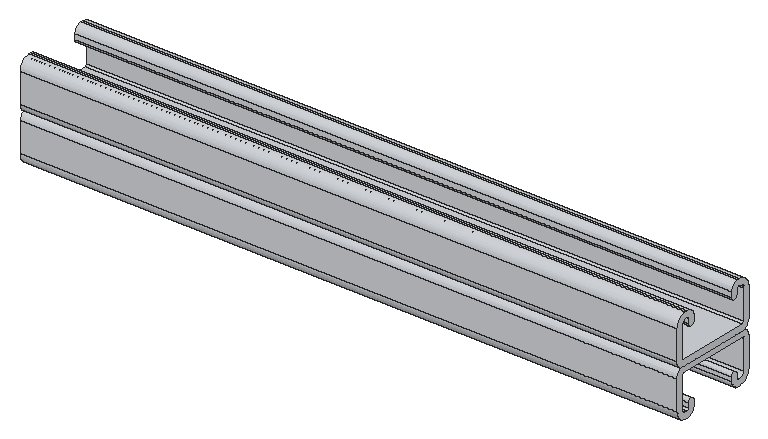
Revit family "P3301", category Specialty Equipment, Revit 2012
Parameters (values of type "P3301")
  ecoScorecard_data = ""
  ecoScorecard Product Page = ""
  Weight Per Foot = 2.69 lbf/ft
  Unit = none
  URL = "http://unistrut.us/index.php"
  Subcategory = "1 5/8\" Channels"
  Product Page URL = "http://unistrut.us/index.php?WP=cat_detail&S=S02&P=P3301"
  Power Strut Part Number = "PS 200 KO6"  # constant formula
  Part Type = "Channel"  # constant formula
  Part Number = ""
  Overall Width = 1 5/8"
  Overall Height = 1 3/4"  # constant formula
  Model = "P3301"  # constant formula
  Material = "Multiple Options - See Catalog"
  Manufacturer Toll Free Phone = "800-882-5543"  # constant formula
  Manufacturer Phone = "708-339-1610"  # constant formula
  Manufacturer Fax = "708-339-7814"  # constant formula
  Manufacturer Email = "mailto:jshaw@atkore.com"
  Manufacturer Address = "16100 South Lathrop Avenue, Harvey, IL 60426"  # constant formula
  Manufacturer = "Unistrut by Atkore International"  # constant formula
  Load Capacity Note = "Visit the product page for load application and capacity."  # constant formula
  Literature URL = "http://unistrut.us/index.php?WP=LItLibrary"
  Length [instance] = 12"
  Hole Spacing On Center Dimension = 6"
  Hole Spacing From End Dimension = 7/8"
  Gauge Thickness = "12 Gauge (.105”)"  # constant formula
  Description = "P3301 Channel"
  Cost Info = "mailto:questions@atkore.com"
  Construction Note = "Not Applicable"
  Category = "Specialty Equipment"  # constant formula
  CSI MasterSpec = "http://www.unistrut.us/a_files/TechRef/Unistrut_CSI_05430.pdf"
  CAD URL = "http://unistrut.us/index.php?WP=CAD3d"
  Assembly Code = "D5020100"
  Allowable Moment = 6860.4 N·m
  95 CSI = "16070"  # constant formula
  04 CSI = "26 05 48"  # constant formula
Reference planes (in)
  plane 1 "Center (Front/Back)": y = 0
  plane 2: z = 0
  plane 3 "Center (Left/Right)": x = 0
  plane 4: y = 0.8125
  plane 5: y = -0.8125
  plane 6: z = 1.75
  plane 7: x = -6
  plane 8: x = 6
Dimensions and locks (in)
  "Overall Width": plane 4 to plane 5
  equal spacing: plane 4, plane 1 "Center (Front/Back)", plane 5
  "Overall Height": plane 6 to level
  "Length": plane 7 to plane 8
  equal spacing: plane 7, plane 3 "Center (Left/Right)", plane 8
  aligned and locked: level to plane 2
  aligned and locked: plane 3 "Center (Left/Right)" to nested 1
  aligned and locked: plane 1 "Center (Front/Back)" to nested 1
Nested families (in)
  nested 1: "P3301 _" at (0, 0, 0), type "P3301 _"
Definition of nested family "P3301 _"
  Parameters (values of type "P3301 _")
    Overall Width = 1 5/8"
    Overall Height = 1 3/4"
    Length = 12"
  Reference planes (in)
    plane 1 "Center (Front/Back)": y = 0
    plane 2: z = 0
    plane 3 "Center (Left/Right)": x = 0
    plane 4: z = 1.75
    plane 5: x = 6
    plane 6: x = -6
    plane 7: y = -0.8125
    plane 8: y = 0.8125
    plane 9: z = 0.875
    plane 10: z = 0.98
    plane 11: y = 0.7075
    plane 12: y = -0.7075
  Forms (in)
    Sweep 1, solid, detail levels fine
      path origin (0, 0, 0) x (1, 0, 0) y (0, 1, 0)
        loop
          line (6, 0) -> (-6, 0)
      profile origin (0, 0, 0) x (0, -1, 0) y (0, 0, 1)
        loop
          line (-0.8125, 1.55125) -> (-0.8125, 1.01125)
          arc (-0.8125, 1.01125) -> (-0.77259, 0.91491) -> (-0.67625, 0.875) r 0.13625
          line (-0.67625, 0.875) -> (0.67625, 0.875)
          arc (0.67625, 0.875) -> (0.77259, 0.91491) -> (0.8125, 1.01125) r 0.13625
          line (0.8125, 1.01125) -> (0.8125, 1.55125)
          arc (0.8125, 1.55125) -> (0.75429, 1.69179) -> (0.61375, 1.75) r 0.19875
          line (0.61375, 1.75) -> (0.57375, 1.75)
          arc (0.57375, 1.75) -> (0.47741, 1.71009) -> (0.4375, 1.61375) r 0.13625
          line (0.4375, 1.61375) -> (0.4375, 1.5215)
          arc (0.4375, 1.5215) -> (0.49, 1.469) -> (0.5425, 1.5215) r 0.0525
          line (0.5425, 1.5215) -> (0.5425, 1.61375)
          arc (0.5425, 1.61375) -> (0.55165, 1.63585) -> (0.57375, 1.645) r 0.03125
          line (0.57375, 1.645) -> (0.61375, 1.645)
          arc (0.61375, 1.645) -> (0.68004, 1.61754) -> (0.7075, 1.55125) r 0.09375
          line (0.7075, 1.55125) -> (0.7075, 1.01125)
          arc (0.7075, 1.01125) -> (0.69835, 0.98915) -> (0.67625, 0.98) r 0.03125
          line (0.67625, 0.98) -> (-0.67625, 0.98)
          arc (-0.67625, 0.98) -> (-0.69835, 0.98915) -> (-0.7075, 1.01125) r 0.03125
          line (-0.7075, 1.01125) -> (-0.7075, 1.55125)
          arc (-0.7075, 1.55125) -> (-0.68004, 1.61754) -> (-0.61375, 1.645) r 0.09375
          line (-0.61375, 1.645) -> (-0.57375, 1.645)
          arc (-0.57375, 1.645) -> (-0.55165, 1.63585) -> (-0.5425, 1.61375) r 0.03125
          line (-0.5425, 1.61375) -> (-0.5425, 1.5215)
          arc (-0.5425, 1.5215) -> (-0.49, 1.469) -> (-0.4375, 1.5215) r 0.0525
          line (-0.4375, 1.5215) -> (-0.4375, 1.61375)
          arc (-0.4375, 1.61375) -> (-0.47741, 1.71009) -> (-0.57375, 1.75) r 0.13625
          line (-0.57375, 1.75) -> (-0.61375, 1.75)
          arc (-0.61375, 1.75) -> (-0.75429, 1.69179) -> (-0.8125, 1.55125) r 0.19875
    Sweep 2, solid, detail levels fine
      path origin (0, 0, 0) x (1, 0, 0) y (0, 1, 0)
        loop
          line (6, 0) -> (-6, 0)
      profile origin (0, 0, 0) x (0, -1, 0) y (0, 0, 1)
        loop
          arc (-0.67625, 0.875) -> (-0.77259, 0.83509) -> (-0.8125, 0.73875) r 0.13625
          line (-0.8125, 0.73875) -> (-0.8125, 0.19875)
          arc (-0.8125, 0.19875) -> (-0.75429, 0.05821) -> (-0.61375, 0) r 0.19875
          line (-0.61375, 0) -> (-0.57375, 0)
          arc (-0.57375, 0) -> (-0.47741, 0.03991) -> (-0.4375, 0.13625) r 0.13625
          line (-0.4375, 0.13625) -> (-0.4375, 0.2285)
          arc (-0.4375, 0.2285) -> (-0.49, 0.281) -> (-0.5425, 0.2285) r 0.0525
          line (-0.5425, 0.2285) -> (-0.5425, 0.13625)
          arc (-0.5425, 0.13625) -> (-0.55165, 0.11415) -> (-0.57375, 0.105) r 0.03125
          line (-0.57375, 0.105) -> (-0.61375, 0.105)
          arc (-0.61375, 0.105) -> (-0.68004, 0.13246) -> (-0.7075, 0.19875) r 0.09375
          line (-0.7075, 0.19875) -> (-0.7075, 0.73875)
          arc (-0.7075, 0.73875) -> (-0.69835, 0.76085) -> (-0.67625, 0.77) r 0.03125
          line (-0.67625, 0.77) -> (0.67625, 0.77)
          arc (0.67625, 0.77) -> (0.69835, 0.76085) -> (0.7075, 0.73875) r 0.03125
          line (0.7075, 0.73875) -> (0.7075, 0.19875)
          arc (0.7075, 0.19875) -> (0.68004, 0.13246) -> (0.61375, 0.105) r 0.09375
          line (0.61375, 0.105) -> (0.57375, 0.105)
          arc (0.57375, 0.105) -> (0.55165, 0.11415) -> (0.5425, 0.13625) r 0.03125
          line (0.5425, 0.13625) -> (0.5425, 0.2285)
          arc (0.5425, 0.2285) -> (0.49, 0.281) -> (0.4375, 0.2285) r 0.0525
          line (0.4375, 0.2285) -> (0.4375, 0.13625)
          arc (0.4375, 0.13625) -> (0.47741, 0.03991) -> (0.57375, 0) r 0.13625
          line (0.57375, 0) -> (0.61375, 0)
          arc (0.61375, 0) -> (0.75429, 0.05821) -> (0.8125, 0.19875) r 0.19875
          line (0.8125, 0.19875) -> (0.8125, 0.73875)
          arc (0.8125, 0.73875) -> (0.77259, 0.83509) -> (0.67625, 0.875) r 0.13625
          line (0.67625, 0.875) -> (-0.67625, 0.875)
    Extrusion 3, solid, detail levels coarse+medium
      sketch origin (0, 0, 0) x (1, 0, 0) y (0, 1, 0)
        loop
          line (-6, 0.8125) -> (-6, -0.8125) -> (6, -0.8125) -> (6, 0.8125) -> (-6, 0.8125)
      from 0 to 1.75
  Lines and regions (in)
    symbolic lines, style "Channel"
      curve 1: line (6, 0.8125, 0) -> (-6, 0.8125, 0)
      curve 2: line (6, 0.8125, 0) -> (6, -0.8125, 0)
      curve 3: line (6, -0.8125, 0) -> (-6, -0.8125, 0)
      curve 4: line (-6, 0.8125, 0) -> (-6, -0.8125, 0)
    symbolic lines, style "Channel", detail levels fine
      curve 5: line (-6, 0.4375, 0) -> (6, 0.4375, 0)
      curve 6: line (-6, -0.4375, 0) -> (6, -0.4375, 0)
  Dimensions and locks (in)
    equal spacing: plane 6, plane 3 "Center (Left/Right)", plane 5
    "Length": plane 6 to plane 5
    equal spacing: plane 8, plane 1 "Center (Front/Back)", plane 7
    "Overall Width": plane 8 to plane 7
    equal spacing: plane 4, plane 9, level
    "Overall Height": plane 4 to level
    locked: plane 10 to plane 9 at 0.105
    locked: plane 8 to plane 11 at 0.105
    locked: plane 12 to plane 7 at 0.105
    aligned and locked: level to plane 2
    aligned and locked: Sweep 1 sketch curve to plane 1 "Center (Front/Back)"
    aligned and locked: Sweep 2 sketch curve to plane 1 "Center (Front/Back)"
    aligned and locked: plane 6 to Extrusion 3 sketch curve
    aligned and locked: Extrusion 3 sketch curve to plane 5
    aligned and locked: plane 8 to Extrusion 3 sketch curve
    aligned and locked: Extrusion 3 sketch curve to plane 7
    aligned and locked: plane 4 to Extrusion 3
    aligned and locked: Extrusion 3 to level
    aligned and locked: plane 5 to Extrusion 3
    aligned and locked: plane 6 to Extrusion 3
    aligned and locked: plane 8 to curve 1
    aligned and locked: curve 2 to plane 5
    aligned and locked: curve 3 to plane 7
    aligned and locked: plane 6 to curve 4
    aligned and locked: curve 5 to Sweep 1
    aligned and locked: curve 4 to curve 6
    aligned and locked: curve 6 to Sweep 1
  Automatic sketch dimensions
    Sweep 1 sketch curve to plane 5 = 0"
    Sweep 1 sketch curve to plane 6 = 0"
    Sweep 2 sketch curve to plane 5 = 0"
    Sweep 2 sketch curve to plane 6 = 0"
